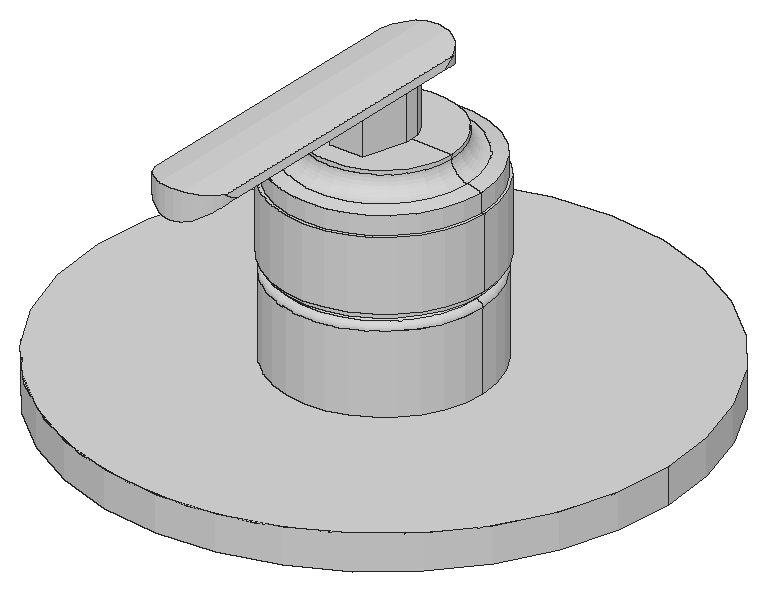
Revit family "Lixil-Grohe-Listra-PBV_Trim-106176_0_TEST", category Plumbing Fixtures, host Face, Revit 2023
Family settings
  Host = Face
  Round Connector Dimension = Use Diameter
  Part Type = Normal
  OmniClass Number = 23.45.55.17
  OmniClass Title = Mixing Faucets
  Enable Cutting in Views = Yes
  Cut with Voids When Loaded = No
  Maintain Annotation Orientation = No
  Shared = No
  Room Calculation Point = No
Parameters (values of type "Listra PBV Trim")
  Depth = 3 5/16"  # constant formula
  Width = 6 1/4"  # constant formula
  Waste Connection = 1 = 0  # no
  Warranty URL = "https://www.grohe.us/support/warranty"
  Version = "2023 - v1.0a"  # constant formula
  Vent Connection = 1 = 0  # no
  URL = "https://www.grohe.us"
  Support Phone = "224-699-9545"  # constant formula
  Support Email = "mailto:support@bimsmith.com"
  Product Page URL = "https://www.grohe.us"
  Product Name = "PBV Trim"  # constant formula
  Product Documentation Link = "https://www.grohe.us"
  Model = "106176_0"
  Manufacturer Phone Number = "630-872-5570"  # constant formula
  Manufacturer Email = "https://www.grohe.us"
  Manufacturer Address = "https://www.grohe.us"
  Manufacturer = "LIXIL"  # constant formula
  Keynote = "22 40 00"
  Height [instance] = 6 1/4"  # constant formula
  HW Connection = 1 = 1  # yes
  Finish = Metal - Grohe - Chrome
  Description = "PBV Trim"  # constant formula
  Default Elevation = 0"  # constant formula
  Copyright = "©LIXIL® | All Rights Reserved"  # constant formula
  Collection = "Listra"  # constant formula
  CW Connection = 1 = 1  # yes
  Brand = "Grohe"  # constant formula
  Assembly Code = "D2010400"
Reference planes (in)
  plane 1 "Center (Front/Back)": y = 0
  plane 2: z = 0
  plane 3 "Center (Left/Right)": x = 0
Forms (in)
  Extrusion 1, solid, material "Metal - Grohe - Chrome" <- "Finish"
    sketch origin (0, 0, -0.94744) x (0, -1, 0) y (1, 0, 0)
      loop
        circle (0, 0) r 3.125
    from 0.94744 to 1.32244
  Revolve 2, solid, material "Metal - Grohe - Chrome" <- "Finish"
    sketch origin (0, 0, 0) x (1, 0, 0) y (0, 0, 1)
      loop
        line (0, 0.375) -> (0, 2.61273) -> (-0.74701, 2.61273) -> (-0.74701, 2.57121)
        arc (-0.74701, 2.57121) -> (-0.79871, 2.4425) -> (-0.9235, 2.38195) r 0.19253
        line (-0.9235, 2.38195) -> (-1.07387, 2.35272) -> (-1.07387, 2.15573) -> (-1.10779, 2.15573) -> (-1.10779, 1.40094) -> (-1.07387, 1.40094) -> (-1.07387, 1.34526) -> (-0.97949, 1.34526)
        arc (-0.97949, 1.34526) -> (-0.98479, 1.30498) -> (-1.02083, 1.28622) r 0.044
        arc (-1.02083, 1.28622) -> (-1.0668, 1.26718) -> (-1.08584, 1.22122) r 0.065
        line (-1.08584, 1.22122) -> (-1.08584, 0.375) -> (0, 0.375)
      axis (0, 2.61273) -> (0, 0.375)
    angle from 0 to 360
  Extrusion 3, solid, material "Metal - Grohe - Chrome" <- "Finish", detail levels medium+fine
    sketch origin (0, 0, 0.01884) x (1, 0, 0) y (0, 0, 1)
      loop
        line (0.40874, 3.16125) -> (0.38799, 3.2387)
        arc (0.38799, 3.2387) -> (0.00052, 3.29519) -> (-0.38731, 3.24122) r 1.38811
        line (-0.38731, 3.24122) -> (-0.40874, 3.16125)
        arc (-0.40874, 3.16125) -> (-0.22338, 3.02756) -> (0, 2.97927) r 0.55869
        arc (0, 2.97927) -> (0.22338, 3.02756) -> (0.40874, 3.16125) r 0.55869
    from -0.73567 to 2.95235
  Extrusion 4, solid, material "Metal - Grohe - Chrome" <- "Finish"
    sketch origin (0, 0, 1.40764) x (0, -1, 0) y (1, 0, 0)
      loop
        arc (-0.0926, 0.30462) -> (-0.3129, 0) -> (-0.0926, -0.30462) r 0.32076
        line (-0.0926, -0.30462) -> (0.05905, -0.30462) -> (0.514, -0.17962) -> (0.514, 0.17962) -> (0.05905, 0.30462) -> (-0.0926, 0.30462)
    from 1.20508 to 1.77245
  Extrusion 5, void
    sketch origin (0, 0, -0.92861) x (0, -1, 0) y (1, 0, 0)
      loop
        line (2.95235, -0.50333) -> (2.95235, 0.50333) -> (2.52688, 0.50333) -> (2.52688, 0.40874)
        arc (2.52688, 0.40874) -> (2.93562, 0) -> (2.52688, -0.40874) r 0.40874
        line (2.52688, -0.40874) -> (2.52688, -0.50333) -> (2.95235, -0.50333)
    from 3.90514 to 4.26256
  Extrusion 6, void
    sketch origin (0, -2.19995, -0.92861) x (0, 1, 0) y (-1, 0, 0)
      loop
        line (2.95235, 0.50333) -> (2.52688, 0.50333) -> (2.52688, 0.40874)
        arc (2.52688, 0.40874) -> (2.93562, 0) -> (2.52688, -0.40874) r 0.40874
        line (2.52688, -0.40874) -> (2.52688, -0.50333) -> (2.95235, -0.50333) -> (2.95235, 0.50333)
    from 3.90514 to 4.26256
  Extrusion 7, solid, material "Metal - Grohe - Chrome" <- "Finish", detail levels coarse
    sketch origin (0, 0, 0.01884) x (1, 0, 0) y (0, 0, 1)
      loop
        line (0.40874, 3.16125) -> (0.38799, 3.2387)
        arc (0.38799, 3.2387) -> (0.00052, 3.29519) -> (-0.38731, 3.24122) r 1.38811
        line (-0.38731, 3.24122) -> (-0.40874, 3.16125)
        arc (-0.40874, 3.16125) -> (-0.22338, 3.02756) -> (0, 2.97927) r 0.55869
        arc (0, 2.97927) -> (0.22338, 3.02756) -> (0.40874, 3.16125) r 0.55869
    from -0.73567 to 2.95235
Cuts and joins
  Extrusion 5, Extrusion 6 cuts Extrusion 3
Dimensions and locks (in)
  aligned and locked: plane 2 to host face
  aligned and locked: level to host face
  aligned and locked: Revolve 2 sketch curve to plane 3 "Center (Left/Right)"
